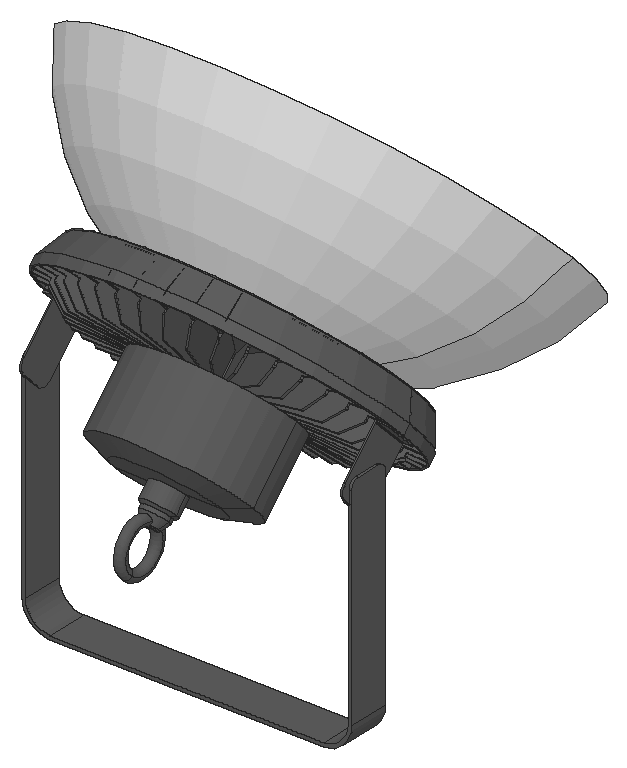
Revit family "0039348+0039354+0039356 Feilo Sylvania Lighting Fixture START HIGHBAY 4K 19KLM WIDE with BRACKET and ALU SHADE ALU COLOR", category Lighting Fixtures, host Face, Revit 2017 (continued)
Definition of nested family "Start LED Highbay Head"
  Dimensions and locks
    "RHHeight4_FEILO": plane 33 to plane 34
    "RHRadius3_FEILO": plane 3 "Center (Left/Right)" to plane 35
    "RHHeight1_FEILO": plane 28 to plane 30
    "EyeInner_FEILO": plane 34 to plane 36
    "EyeInner_FEILO": plane 36 to plane 37
    equal spacing: plane 38, plane 3 "Center (Left/Right)", plane 39
    "EyeThickness_FEILO": plane 38 to plane 39
    "EyeThickness_FEILO": plane 37 to plane 40
    equal spacing: plane 37, plane 41, plane 40
    equal spacing: plane 6, plane 42, plane 18
    "ThicknessBracket_FEILO": plane 45 to plane 6
    "ThicknessBracket_FEILO": plane 8 to plane 44
    locked: plane 43 to plane 18 at 1
    equal spacing: plane 24, plane 46, plane 26
    equal spacing: plane 47, plane 1 "Center (Front/Back)", plane 48
    "WidthBracket_FEILO": plane 47 to plane 48
    "WidthRingChamfer_FEILO": plane 50 to plane 49
    "ThicknessWall_FEILO": plane 51 to plane 49
    equal spacing: plane 50, plane 52, plane 51
    "ThicknessBracket_FEILO": plane 54 to plane 50
    locked: plane 53 to plane 51 at 1
    "Radius_FEILO": plane 49 to plane 3 "Center (Left/Right)"
    "ShadeRadiusOut_FEILO": plane 3 "Center (Left/Right)" to plane 55
    "ShadeHeight_FEILO": plane 56 to plane 4
    "ShadeRadiusIn_FEILO": plane 3 "Center (Left/Right)" to plane 57
    locked: plane 58 to plane 57 at 8
    "ShadeThickness_FEILO": plane 60 to plane 4
    "ShadeThickness_FEILO": plane 59 to plane 55
    "EyeThicknessHalf_FEILO": radius of curve 8
    "ThicknessBracket_FEILO": radius of Extrusion 7 sketch curve  (x2)
    "ThicknessBracketHalf_FEILO": radius of Extrusion 7 sketch curve  (x2)
    "ShadeRadiusBend_FEILO": radius of curve 9
    aligned and locked: plane 2 to Extrusion 1
    aligned and locked: level to Extrusion 1
    aligned and locked: plane 5 to curve 1
    aligned and locked: plane 6 to curve 1
    aligned and locked: plane 7 to curve 1
    aligned and locked: plane 10 to curve 2
    aligned and locked: plane 9 to curve 3
    aligned and locked: plane 4 to curve 3
    aligned and locked: plane 11 to curve 3
    aligned and locked: plane 4 to curve 4
    aligned and locked: plane 18 to curve 5
    aligned and locked: plane 10 to curve 5
    aligned and locked: Revolve 2 sketch curve to plane 3 "Center (Left/Right)"
    aligned and locked: Revolve 2 sketch curve to curve 3
    aligned and locked: Revolve 2 sketch curve to curve 1
    aligned and locked: plane 4 to Revolve 2 sketch curve
    aligned and locked: plane 9 to Revolve 2 sketch curve
    aligned and locked: Revolve 2 sketch curve to plane 13
    aligned and locked: Revolve 2 sketch curve to plane 10
    aligned and locked: plane 13 to Revolve 2 sketch curve
    aligned and locked: plane 10 to Revolve 2 sketch curve
    aligned and locked: Revolve 2 sketch curve to plane 18
    aligned and locked: Revolve 2 sketch curve to plane 8
    aligned and locked: plane 5 to Revolve 2 sketch curve  (x2)
    aligned and locked: Revolve 3 sketch curve to plane 3 "Center (Left/Right)"
    aligned and locked: plane 11 to Revolve 3 sketch curve
    aligned and locked: Revolve 3 sketch curve to curve 2
    aligned and locked: plane 15 to Revolve 3 sketch curve
    aligned and locked: Revolve 3 sketch curve to plane 16
    aligned and locked: plane 17 to Revolve 3 sketch curve  (x2)
    aligned and locked: Revolve 3 sketch curve to plane 12
    aligned and locked: plane 7 to Revolve 3 sketch curve
    aligned and locked: Revolve 4 sketch curve to plane 3 "Center (Left/Right)"
    aligned and locked: Revolve 4 sketch curve to plane 14
    aligned and locked: plane 3 "Center (Left/Right)" to Revolve 4 sketch curve
    aligned and locked: Revolve 4 sketch curve to plane 12
    aligned and locked: plane 15 to Revolve 4 sketch curve
    aligned and locked: Revolve 2 sketch curve to curve 5
    aligned and locked: plane 22 to curve 6
    aligned and locked: plane 21 to curve 6
    aligned and locked: plane 20 to curve 6
    aligned and locked: plane 19 to curve 6
    aligned and locked: plane 33 to curve 7
    aligned and locked: plane 32 to curve 7
    aligned and locked: plane 35 to curve 7
    aligned and locked: plane 34 to curve 7
    aligned and locked: Revolve 5 sketch curve to plane 3 "Center (Left/Right)"
    aligned and locked: Revolve 5 sketch curve to plane 25
    aligned and locked: plane 27 to Revolve 5 sketch curve
    aligned and locked: plane 28 to Revolve 5 sketch curve
    aligned and locked: plane 30 to Revolve 5 sketch curve
    aligned and locked: Revolve 5 sketch curve to plane 29
    aligned and locked: plane 31 to Revolve 5 sketch curve
    aligned and locked: Revolve 5 sketch curve to curve 7
    aligned and locked: Revolve 5 sketch curve to plane 32
    aligned and locked: plane 34 to Revolve 5 sketch curve
    aligned and locked: plane 3 "Center (Left/Right)" to Revolve 5 sketch curve
    aligned and locked: plane 3 "Center (Left/Right)" to curve 8
    aligned and locked: plane 41 to curve 8
    aligned and locked: Revolve 6 sketch curve to plane 36
    aligned and locked: Revolve 6 sketch curve to curve 8
    aligned and locked: plane 43 to Extrusion 7 sketch curve  (x2)
    aligned and locked: plane 8 to Extrusion 7 sketch curve  (x3)
    aligned and locked: Extrusion 7 sketch curve to plane 45
    aligned and locked: Extrusion 7 sketch curve to plane 46  (x2)
    aligned and locked: plane 6 to Extrusion 7 sketch curve
    aligned and locked: Extrusion 7 sketch curve to plane 44  (x2)
    aligned and locked: Extrusion 7 to plane 48
    aligned and locked: plane 47 to Extrusion 7
    aligned and locked: plane 53 to Extrusion 7 sketch curve
    aligned and locked: plane 50 to Extrusion 7 sketch curve
    aligned and locked: Extrusion 7 sketch curve to plane 54
    aligned and locked: Extrusion 8 sketch curve to Extrusion 8 sketch curve
    aligned and locked: Extrusion 8 to plane 6
    aligned and locked: Extrusion 8 to Extrusion 7
    aligned and locked: Revolve 5 sketch curve to plane 22
    aligned and locked: plane 23 to nested 1
    aligned and locked: plane 1 "Center (Front/Back)" to nested 1
    aligned and locked: Revolve 9 sketch curve to plane 3 "Center (Left/Right)"
    aligned and locked: Revolve 9 sketch curve to plane 4
    aligned and locked: plane 6 to Revolve 9 sketch curve
    aligned and locked: plane 4 to Revolve 9 sketch curve
    aligned and locked: plane 7 to Revolve 9 sketch curve
    aligned and locked: Revolve 9 sketch curve to plane 5
    aligned and locked: plane 8 to Revolve 9 sketch curve  (x2)
    aligned and locked: Revolve 9 sketch curve to plane 19
    aligned and locked: plane 20 to Revolve 9 sketch curve
    aligned and locked: plane 19 to Revolve 9 sketch curve
    aligned and locked: plane 21 to Revolve 9 sketch curve
    aligned and locked: plane 22 to Revolve 9 sketch curve  (x2)
    aligned and locked: Revolve 9 sketch curve to Revolve 9 sketch curve
    aligned and locked: imposter light to plane 4
    aligned and locked: plane 3 "Center (Left/Right)" to imposter light
    aligned and locked: imposter light to plane 1 "Center (Front/Back)"
    aligned and locked: plane 55 to curve 9
    aligned and locked: plane 56 to curve 9
    aligned and locked: plane 57 to curve 9
    aligned and locked: plane 4 to curve 9
    aligned and locked: Revolve 10 sketch curve to curve 9
    aligned and locked: plane 58 to Revolve 10 sketch curve
    aligned and locked: plane 57 to Revolve 10 sketch curve
    aligned and locked: plane 56 to Revolve 10 sketch curve  (x2)
    aligned and locked: Revolve 10 sketch curve to plane 58
    aligned and locked: plane 60 to Revolve 10 sketch curve
  Automatic sketch dimensions
    Extrusion 1 sketch curve to Extrusion 1 sketch curve = 2438.4 mm  (x2)
    Revolve 2 sketch curve to plane 6 = 0.299 mm
    plane 6 to Revolve 2 sketch curve = 0.459 mm
    Revolve 2 sketch curve to level = 609.6 mm
    Revolve 2 sketch curve to Revolve 2 sketch curve = 2312.223 mm
    Revolve 3 sketch curve to plane 12 = 0 mm
    Revolve 3 sketch curve to plane 3 "Center (Left/Right)" = 0 mm
    Revolve 3 sketch curve to level = 609.6 mm
    Revolve 3 sketch curve to plane 4 = 2339.058 mm
    Revolve 4 sketch curve to level = 609.6 mm
    Revolve 4 sketch curve to plane 4 = 2339.058 mm
    Revolve 6 sketch curve to plane 5 = 1080 mm
    plane 38 to Revolve 6 sketch curve = 1219.2 mm
    Extrusion 8 sketch curve to plane 47 = 0 mm
    plane 46 to Extrusion 8 sketch curve = 0 mm  (x2)
    Extrusion 8 sketch curve to plane 48 = 0 mm
    plane 47 to Extrusion 8 sketch curve = 5 mm
    plane 1 "Center (Front/Back)" to Extrusion 8 sketch curve = 10 mm
    Extrusion 8 sketch curve to Extrusion 8 sketch curve = 10 mm
    plane 46 to Extrusion 8 sketch curve = 5 mm
    Extrusion 8 sketch curve to Extrusion 8 sketch curve = 5 mm
    Extrusion 8 sketch curve to plane 48 = 5 mm
    Revolve 5 sketch curve to plane 26 = 0 mm
    Revolve 5 sketch curve to plane 35 = 0.437 mm
    plane 35 to Revolve 5 sketch curve = 0.847 mm
    Revolve 5 sketch curve to plane 34 = 0.726 mm
    plane 40 to Revolve 5 sketch curve = 590.2 mm
    Revolve 5 sketch curve to plane 4 = 2339.058 mm
    Revolve 9 sketch curve to level = 609.6 mm
    Revolve 9 sketch curve to Revolve 9 sketch curve = 2386.058 mm
    curve 2 to plane 3 "Center (Left/Right)" = 0 mm
    Revolve 10 sketch curve to Revolve 10 sketch curve = 0 mm  (x2)
    Revolve 10 sketch curve to plane 3 "Center (Left/Right)" = 0 mm
    plane 57 to Revolve 10 sketch curve = 0.659 mm
    Revolve 10 sketch curve to level = 609.6 mm
    Revolve 10 sketch curve to Revolve 10 sketch curve = 2068.248 mm
  Nested families
    nested 1: "Start Highbay Rib" at (0, 0, 67.775), type "Type Name", detail levels medium+fine
      with SuspensionHeight_FEILO 2.6 mm
    nested 2: "Start Highbay Rib" at (0, 0, 67.775) x (0.9877, 0.1564, 0) z (0, 0, 1), type "Type Name", detail levels medium+fine
      with SuspensionHeight_FEILO 2.6 mm
    nested 3: "Start Highbay Rib" at (0, 0, 67.775) x (0.9511, 0.309, 0) z (0, 0, 1), type "Type Name", detail levels medium+fine
      with SuspensionHeight_FEILO 2.6 mm
    nested 4: "Start Highbay Rib" at (0, 0, 67.775) x (0.891, 0.454, 0) z (0, 0, 1), type "Type Name", detail levels medium+fine
      with SuspensionHeight_FEILO 2.6 mm
    nested 5: "Start Highbay Rib" at (0, 0, 67.775) x (0.809, 0.5878, 0) z (0, 0, 1), type "Type Name", detail levels medium+fine
      with SuspensionHeight_FEILO 2.6 mm
    nested 6: "Start Highbay Rib" at (0, 0, 67.775) x (0.7071, 0.7071, 0) z (0, 0, 1), type "Type Name", detail levels medium+fine
      with SuspensionHeight_FEILO 2.6 mm
    nested 7: "Start Highbay Rib" at (0, 0, 67.775) x (0.5878, 0.809, 0) z (0, 0, 1), type "Type Name", detail levels medium+fine
      with SuspensionHeight_FEILO 2.6 mm
    nested 8: "Start Highbay Rib" at (0, 0, 67.775) x (0.454, 0.891, 0) z (0, 0, 1), type "Type Name", detail levels medium+fine
      with SuspensionHeight_FEILO 2.6 mm
    nested 9: "Start Highbay Rib" at (0, 0, 67.775) x (0.309, 0.9511, 0) z (0, 0, 1), type "Type Name", detail levels medium+fine
      with SuspensionHeight_FEILO 2.6 mm
    nested 10: "Start Highbay Rib" at (0, 0, 67.775) x (0.1564, 0.9877, 0) z (0, 0, 1), type "Type Name", detail levels medium+fine
      with SuspensionHeight_FEILO 2.6 mm
    nested 11: "Start Highbay Rib" at (0, 0, 67.775) x (0, 1, 0) z (0, 0, 1), type "Type Name", detail levels medium+fine
      with SuspensionHeight_FEILO 2.6 mm
    nested 12: "Start Highbay Rib" at (0, 0, 67.775) x (-0.1564, 0.9877, 0) z (0, 0, 1), type "Type Name", detail levels medium+fine
      with SuspensionHeight_FEILO 2.6 mm
    nested 13: "Start Highbay Rib" at (0, 0, 67.775) x (-0.309, 0.9511, 0) z (0, 0, 1), type "Type Name", detail levels medium+fine
      with SuspensionHeight_FEILO 2.6 mm
    nested 14: "Start Highbay Rib" at (0, 0, 67.775) x (-0.454, 0.891, 0) z (0, 0, 1), type "Type Name", detail levels medium+fine
      with SuspensionHeight_FEILO 2.6 mm
    nested 15: "Start Highbay Rib" at (0, 0, 67.775) x (-0.5878, 0.809, 0) z (0, 0, 1), type "Type Name", detail levels medium+fine
      with SuspensionHeight_FEILO 2.6 mm
    nested 16: "Start Highbay Rib" at (0, 0, 67.775) x (-0.7071, 0.7071, 0) z (0, 0, 1), type "Type Name", detail levels medium+fine
      with SuspensionHeight_FEILO 2.6 mm
    nested 17: "Start Highbay Rib" at (0, 0, 67.775) x (-0.809, 0.5878, 0) z (0, 0, 1), type "Type Name", detail levels medium+fine
      with SuspensionHeight_FEILO 2.6 mm
    nested 18: "Start Highbay Rib" at (0, 0, 67.775) x (-0.891, 0.454, 0) z (0, 0, 1), type "Type Name", detail levels medium+fine
      with SuspensionHeight_FEILO 2.6 mm
    nested 19: "Start Highbay Rib" at (0, 0, 67.775) x (-0.9511, 0.309, 0) z (0, 0, 1), type "Type Name", detail levels medium+fine
      with SuspensionHeight_FEILO 2.6 mm
    nested 20: "Start Highbay Rib" at (0, 0, 67.775) x (-0.9877, 0.1564, 0) z (0, 0, 1), type "Type Name", detail levels medium+fine
      with SuspensionHeight_FEILO 2.6 mm
    nested 21: "Start Highbay Rib" at (0, 0, 67.775) x (-1, 0, 0) z (0, 0, 1), type "Type Name", detail levels medium+fine
      with SuspensionHeight_FEILO 2.6 mm
    nested 22: "Start Highbay Rib" at (0, 0, 67.775) x (-0.9877, -0.1564, 0) z (0, 0, 1), type "Type Name", detail levels medium+fine
      with SuspensionHeight_FEILO 2.6 mm
    nested 23: "Start Highbay Rib" at (0, 0, 67.775) x (-0.9511, -0.309, 0) z (0, 0, 1), type "Type Name", detail levels medium+fine
      with SuspensionHeight_FEILO 2.6 mm
    nested 24: "Start Highbay Rib" at (0, 0, 67.775) x (-0.891, -0.454, 0) z (0, 0, 1), type "Type Name", detail levels medium+fine
      with SuspensionHeight_FEILO 2.6 mm
    nested 25: "Start Highbay Rib" at (0, 0, 67.775) x (-0.809, -0.5878, 0) z (0, 0, 1), type "Type Name", detail levels medium+fine
      with SuspensionHeight_FEILO 2.6 mm
    nested 26: "Start Highbay Rib" at (0, 0, 67.775) x (-0.7071, -0.7071, 0) z (0, 0, 1), type "Type Name", detail levels medium+fine
      with SuspensionHeight_FEILO 2.6 mm
    nested 27: "Start Highbay Rib" at (0, 0, 67.775) x (-0.5878, -0.809, 0) z (0, 0, 1), type "Type Name", detail levels medium+fine
      with SuspensionHeight_FEILO 2.6 mm
    nested 28: "Start Highbay Rib" at (0, 0, 67.775) x (-0.454, -0.891, 0) z (0, 0, 1), type "Type Name", detail levels medium+fine
      with SuspensionHeight_FEILO 2.6 mm
    nested 29: "Start Highbay Rib" at (0, 0, 67.775) x (-0.309, -0.9511, 0) z (0, 0, 1), type "Type Name", detail levels medium+fine
      with SuspensionHeight_FEILO 2.6 mm
    nested 30: "Start Highbay Rib" at (0, 0, 67.775) x (-0.1564, -0.9877, 0) z (0, 0, 1), type "Type Name", detail levels medium+fine
      with SuspensionHeight_FEILO 2.6 mm
    nested 31: "Start Highbay Rib" at (0, 0, 67.775) x (0, -1, 0) z (0, 0, 1), type "Type Name", detail levels medium+fine
      with SuspensionHeight_FEILO 2.6 mm
    nested 32: "Start Highbay Rib" at (0, 0, 67.775) x (0.1564, -0.9877, 0) z (0, 0, 1), type "Type Name", detail levels medium+fine
      with SuspensionHeight_FEILO 2.6 mm
    nested 33: "Start Highbay Rib" at (0, 0, 67.775) x (0.309, -0.9511, 0) z (0, 0, 1), type "Type Name", detail levels medium+fine
      with SuspensionHeight_FEILO 2.6 mm
    nested 34: "Start Highbay Rib" at (0, 0, 67.775) x (0.454, -0.891, 0) z (0, 0, 1), type "Type Name", detail levels medium+fine
      with SuspensionHeight_FEILO 2.6 mm
    nested 35: "Start Highbay Rib" at (0, 0, 67.775) x (0.5878, -0.809, 0) z (0, 0, 1), type "Type Name", detail levels medium+fine
      with SuspensionHeight_FEILO 2.6 mm
    nested 36: "Start Highbay Rib" at (0, 0, 67.775) x (0.7071, -0.7071, 0) z (0, 0, 1), type "Type Name", detail levels medium+fine
      with SuspensionHeight_FEILO 2.6 mm
    nested 37: "Start Highbay Rib" at (0, 0, 67.775) x (0.809, -0.5878, 0) z (0, 0, 1), type "Type Name", detail levels medium+fine
      with SuspensionHeight_FEILO 2.6 mm
    nested 38: "Start Highbay Rib" at (0, 0, 67.775) x (0.891, -0.454, 0) z (0, 0, 1), type "Type Name", detail levels medium+fine
      with SuspensionHeight_FEILO 2.6 mm
    nested 39: "Start Highbay Rib" at (0, 0, 67.775) x (0.9511, -0.309, 0) z (0, 0, 1), type "Type Name", detail levels medium+fine
      with SuspensionHeight_FEILO 2.6 mm
    nested 40: "Start Highbay Rib" at (0, 0, 67.775) x (0.9877, -0.1564, 0) z (0, 0, 1), type "Type Name", detail levels medium+fine
      with SuspensionHeight_FEILO 2.6 mm
  Definition of nested family "Start Highbay Rib"
    Parameters (values of type "Type Name")
      WidthStraight_FEILO = if(SizeS_FEILO, 3 mm, if(SizeM_FEILO, 4 mm, 4.7 mm))  # 3 mm
      WidthRingChamfer_FEILO = if(SizeS_FEILO, 10.3 mm, if(SizeM_FEILO, 11.2 mm, 12.9 mm))  # 10.3 mm
      WidthCurved_FEILO = if(SizeS_FEILO, 17.4 mm, if(SizeM_FEILO, 16.4 mm, 26.2 mm))  # 17.4 mm
      WidthCurvedRing_FEILO = if(SizeS_FEILO, 3 mm, if(SizeM_FEILO, 4 mm, 4.7 mm))  # 3 mm
      WidthBracket_FEILO = 40 mm
      URL = "http://www.feilosylvania.com"
      Type Image = (empty or 0)
      Type Comments = "n/a"
      ThicknessWall_FEILO = 1.5 mm
      ThicknessBracket_FEILO = 1.5 mm
      ThicknessBracketHalf_FEILO = ThicknessBracket_FEILO / 2  # 0.75 mm
      SuspensionHeight_FEILO [instance] = 2.6 mm
      SizeS_FEILO = yes
      SizeM_FEILO = no
      Rib4_FEILO = if(SizeS_FEILO, 18.1 mm, if(SizeM_FEILO, 13.6 mm, 14.6 mm))  # 18.1 mm
      Rib3_FEILO = if(SizeS_FEILO, 15.3 mm, if(SizeM_FEILO, 17.6 mm, 20.2 mm))  # 15.3 mm
      Rib2_FEILO = if(SizeS_FEILO, 3.6 mm, if(SizeM_FEILO, 3.9 mm, 4.5 mm))  # 3.6 mm
      Rib1_FEILO = if(SizeS_FEILO, 15.1 mm, if(SizeM_FEILO, 16.5 mm, 19 mm))  # 15.1 mm
      RadiusRib_FEILO = 2 mm
      RadiusDiffuser_FEILO = if(SizeS_FEILO, 95.2 mm, if(SizeM_FEILO, 105.3 mm, 120 mm))  # 95.2 mm
      RHRadius3_FEILO = if(SizeS_FEILO, 6.6 mm, if(SizeM_FEILO, 7.4 mm, 8.6 mm))  # 6.6 mm
      RHRadius2_FEILO = if(SizeS_FEILO, 11 mm, if(SizeM_FEILO, 12 mm, 14 mm))  # 11 mm
      RHRadius1_FEILO = if(SizeS_FEILO, 13.6 mm, if(SizeM_FEILO, 14.9 mm, 17.7 mm))  # 13.6 mm
      RHHeight4_FEILO = if(SizeS_FEILO, 7.3 mm, if(SizeM_FEILO, 8 mm, 9.2 mm))  # 7.3 mm
      RHHeight3_FEILO = if(SizeS_FEILO, 3.6 mm, if(SizeM_FEILO, 3.7 mm, 4.6 mm))  # 3.6 mm
      RHHeight2_FEILO = if(SizeS_FEILO, 2 mm, if(SizeM_FEILO, 2.2 mm, 2.6 mm))  # 2 mm
      RHHeight1_FEILO = if(SizeS_FEILO, 11.8 mm, if(SizeM_FEILO, 15.3 mm, 17.4 mm))  # 11.8 mm
      Material_3_FEILO = none
      Model = ""
      Manufacturer = "Feilo Sylvania"
      Keynote = "16500"
      HeightRing_FEILO = if(SizeS_FEILO, 19.8 mm, if(SizeM_FEILO, 32 mm, 36.8 mm))  # 19.8 mm
      HeightRingChamfer_FEILO = if(SizeS_FEILO, 11.7 mm, if(SizeM_FEILO, 23.2 mm, 26.6 mm))  # 11.7 mm
      EyeThickness_FEILO = if(SizeS_FEILO, 8.4 mm, if(SizeM_FEILO, 9.2 mm, 10.5 mm))  # 8.4 mm
      EyeThicknessHalf_FEILO = EyeThickness_FEILO / 2  # 4.2 mm
      EyeInner_FEILO = if(SizeS_FEILO, 13.8 mm, if(SizeM_FEILO, 15.1 mm, 17.3 mm))  # 13.8 mm
      DriverVerticalStraight_FEILO = if(SizeS_FEILO, 46.5 mm, if(SizeM_FEILO, 49.7 mm, 57 mm))  # 46.5 mm
      DriverVerticalChamfer_FEILO = if(SizeS_FEILO, 7.5 mm, if(SizeM_FEILO, 8.2 mm, 9.5 mm))  # 7.5 mm
      DriverRadius_FEILO = if(SizeS_FEILO, 61.4 mm, if(SizeM_FEILO, 67.2 mm, 76.4 mm))  # 61.4 mm
      DriverRadiusTop_FEILO = if(SizeS_FEILO, 42 mm, if(SizeM_FEILO, 45.3 mm, 52.4 mm))  # 42 mm
      DriverBottom_FEILO = if(SizeS_FEILO, 56 mm, if(SizeM_FEILO, 64.5 mm, 74 mm))  # 56 mm
      Material_2_FEILO = none
      Radius_FEILO = if(SizeS_FEILO, 135 mm, if(SizeM_FEILO, 148 mm, 169.5 mm))  # 135 mm
      Description = ""
      Default Elevation = 1219.2 mm
      Cost = 0
      Material_1_FEILO = none
      Assembly Code = "D5020200"
      Material_4_FEILO = none
    Reference planes
      plane 1 "Center (Front/Back)": y = 0
      plane 2: z = 0
      plane 3 "Center (Left/Right)": x = 0
      plane 4: z = 2.6
      plane 5: x = -135
      plane 6: x = -124.7
      plane 7: z = -9.1
      plane 8: z = -17.2
      plane 9: x = -121.7
      plane 10: z = -0.025
      plane 11: x = -104.3
      plane 12: x = -95.2
      plane 13: x = -118.7
      plane 14: z = 0.975
      plane 15: z = -1.025
      plane 16: x = -92.2
      plane 17: z = -2.025
      plane 18: x = -133.5
      plane 19: x = -119.9
      plane 20: z = -20.8
      plane 21: x = -104.6
      plane 22: z = -38.9
      plane 23: x = -20
      plane 24: z = -53.4
      plane 25: x = -61.4
      plane 26: z = -99.9
      plane 27: x = -42
      plane 28: z = -107.4
      plane 29: x = -13.6
      plane 30: z = -119.2
      plane 31: z = -121.2
      plane 32: x = -11
      plane 33: z = -124.8
      plane 34: z = -132.1
      plane 35: x = -6.6
      plane 36: z = -145.9
      plane 37: z = -159.7
      plane 38: x = 4.2
      plane 39: x = -4.2
      plane 40: z = -168.1
      plane 41: z = -163.9
      plane 42: x = -129.1
      plane 43: x = -132.5
      plane 44: z = -18.7
      plane 45: x = -123.2
      plane 46: z = -76.65
      plane 47: y = -20
      plane 48: y = 20
      plane 49: x = 135
      plane 50: x = 124.7
      plane 51: x = 133.5
      plane 52: x = 129.1
      plane 53: x = 132.5
      plane 54: x = 123.2
      plane 55: y = 0.75
      plane 56: y = -0.75
    Forms (mm)
      Extrusion 1, solid
        sketch origin (4.2, 0, 0) x (1, 0, 0) y (0, 1, 0)
          loop
            line (-1219.2, 1219.2) -> (-1219.2, -1219.2) -> (1219.2, -1219.2) -> (1219.2, 1219.2) -> (-1219.2, 1219.2)
        from 0 to -68.017
      Extrusion 2, solid, material <- "Material_1_FEILO"
        sketch origin (0, 0, 0) x (1, 0, 0) y (0, 0, 1)
          loop
            arc (-104.3, -0.025) -> (-111.555, 0.423) -> (-118.7, 1.76) r 58.981
            line (-118.7, 1.76) -> (-118.7, -0.025) -> (-125.012, -0.025) -> (-133.5, -9.666) -> (-133.5, -17.2) -> (-119.9, -17.2) -> (-119.9, -20.068)
            arc (-119.9, -20.068) -> (-119.778, -20.755) -> (-119.427, -21.359) r 2
            line (-119.427, -21.359) -> (-104.966, -38.467)
            arc (-104.966, -38.467) -> (-104.381, -38.789) -> (-103.723, -38.9) r 2
            line (-103.723, -38.9) -> (-20, -38.9) -> (-20, -9.1) -> (-95.2, -9.1) -> (-95.2, -2.025) -> (-104.3, -2.025) -> (-104.3, -0.025)
        from -0.75 to 0.75
    Lines and regions (mm)
      reference lines
        curve 1: line (-135, 0, -9.1) -> (-124.7, 0, 2.6)
        curve 2: line (-104.3, 0, -0.025) -> (0, 0, -0.025)
        curve 3: arc (-104.3, 0, -0.025) -> (-113.098, 0, 0.635) -> (-121.7, 0, 2.6) r 58.981
        curve 4: line (-124.7, 0, 2.6) -> (-121.7, 0, 2.6)
        curve 5: line (-125.012, 0, -0.025) -> (-133.5, 0, -9.666)
        curve 6: line (-119.9, 0, -20.8) -> (-104.6, 0, -38.9)
    Dimensions and locks
      "Radius_FEILO": plane 3 "Center (Left/Right)" to plane 5
      "WidthRingChamfer_FEILO": plane 6 to plane 5
      "WidthStraight_FEILO": plane 9 to plane 6
      "WidthCurvedRing_FEILO": plane 13 to plane 9
      locked: plane 10 to plane 15 at 1
      locked: plane 14 to plane 10 at 1
      locked: plane 4 to plane 10 at 2.625
      locked: plane 15 to plane 17 at 1
      "ThicknessWall_FEILO": plane 18 to plane 5
      "ThicknessWall_FEILO": curve 5 to curve 1
      "HeightRingChamfer_FEILO": plane 4 to plane 7
      "HeightRing_FEILO": plane 4 to plane 8
      "RadiusDiffuser_FEILO": plane 3 "Center (Left/Right)" to plane 12
      locked: plane 16 to plane 12 at 3
      "WidthCurved_FEILO": plane 11 to plane 9
      "SuspensionHeight_FEILO": plane 4 to plane 2
      "Rib1_FEILO": plane 19 to plane 5
      "Rib2_FEILO": plane 8 to plane 20
      "Rib3_FEILO": plane 21 to plane 19
      "Rib4_FEILO": plane 20 to plane 22
      locked: plane 3 "Center (Left/Right)" to plane 23 at 20
      "DriverBottom_FEILO": plane 4 to plane 24
      "DriverRadius_FEILO": plane 3 "Center (Left/Right)" to plane 25
      "DriverVerticalStraight_FEILO": plane 24 to plane 26
      "DriverRadiusTop_FEILO": plane 3 "Center (Left/Right)" to plane 27
      "DriverVerticalChamfer_FEILO": plane 26 to plane 28
      "RHRadius1_FEILO": plane 3 "Center (Left/Right)" to plane 29
      "RHHeight2_FEILO": plane 30 to plane 31
      "RHRadius2_FEILO": plane 3 "Center (Left/Right)" to plane 32
      "RHHeight3_FEILO": plane 31 to plane 33
      "RHHeight4_FEILO": plane 33 to plane 34
      "RHRadius3_FEILO": plane 3 "Center (Left/Right)" to plane 35
      "RHHeight1_FEILO": plane 28 to plane 30
      "EyeInner_FEILO": plane 34 to plane 36
      "EyeInner_FEILO": plane 36 to plane 37
      equal spacing: plane 38, plane 3 "Center (Left/Right)", plane 39
      "EyeThickness_FEILO": plane 38 to plane 39
      "EyeThickness_FEILO": plane 37 to plane 40
      equal spacing: plane 37, plane 41, plane 40
      equal spacing: plane 6, plane 42, plane 18
      "ThicknessBracket_FEILO": plane 45 to plane 6
      "ThicknessBracket_FEILO": plane 8 to plane 44
      locked: plane 43 to plane 18 at 1
      equal spacing: plane 24, plane 46, plane 26
      equal spacing: plane 47, plane 1 "Center (Front/Back)", plane 48
      "WidthBracket_FEILO": plane 47 to plane 48
      "WidthRingChamfer_FEILO": plane 50 to plane 49
      "ThicknessWall_FEILO": plane 51 to plane 49
      equal spacing: plane 50, plane 52, plane 51
      "ThicknessBracket_FEILO": plane 54 to plane 50
      locked: plane 53 to plane 51 at 1
      "Radius_FEILO": plane 49 to plane 3 "Center (Left/Right)"
      equal spacing: plane 56, plane 1 "Center (Front/Back)", plane 55
      "ThicknessWall_FEILO": plane 56 to plane 55
      "RadiusRib_FEILO": radius of Extrusion 2 sketch curve  (x2)
      aligned and locked: plane 2 to Extrusion 1
      aligned and locked: level to Extrusion 1
      aligned and locked: plane 5 to curve 1
      aligned and locked: plane 6 to curve 1
      aligned and locked: plane 7 to curve 1
      aligned and locked: plane 10 to curve 2
      aligned and locked: plane 9 to curve 3
      aligned and locked: plane 4 to curve 3
      aligned and locked: plane 11 to curve 3
      aligned and locked: plane 4 to curve 4
      aligned and locked: plane 18 to curve 5
      aligned and locked: plane 10 to curve 5
      aligned and locked: plane 22 to curve 6
      aligned and locked: plane 21 to curve 6
      aligned and locked: plane 20 to curve 6
      aligned and locked: plane 19 to curve 6
      aligned and locked: Extrusion 2 sketch curve to plane 23
      aligned and locked: Extrusion 2 sketch curve to plane 22
      aligned and locked: Extrusion 2 sketch curve to curve 6
      aligned and locked: plane 19 to Extrusion 2 sketch curve
      aligned and locked: Extrusion 2 sketch curve to plane 8
      aligned and locked: Extrusion 2 sketch curve to curve 5
      aligned and locked: Extrusion 2 sketch curve to curve 3
      aligned and locked: Extrusion 2 to plane 55
      aligned and locked: plane 56 to Extrusion 2
      aligned and locked: curve 6 to Extrusion 2 sketch curve
    Automatic sketch dimensions
      Extrusion 1 sketch curve to Extrusion 1 sketch curve = 2438.4 mm  (x2)
      curve 2 to plane 3 "Center (Left/Right)" = 0 mm
      Extrusion 2 sketch curve to plane 18 = 0 mm
      Extrusion 2 sketch curve to plane 10 = 0 mm
      Extrusion 2 sketch curve to plane 13 = 0 mm
      Extrusion 2 sketch curve to plane 7 = 0 mm
      Extrusion 2 sketch curve to plane 12 = 0 mm
      Extrusion 2 sketch curve to plane 17 = 0 mm
      plane 19 to Extrusion 2 sketch curve = 0.473 mm
      Extrusion 2 sketch curve to plane 21 = 0.366 mm
